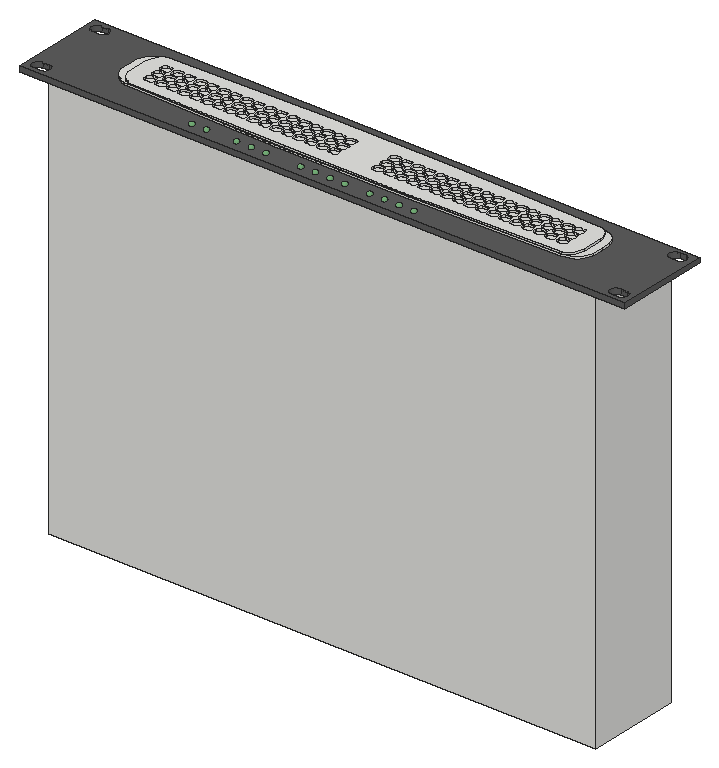
Revit family "Electronics_Amplifiers_Biamp_Vocia_VA-2060e__", category Communication Devices, host Face, Revit 2020 (continued)
Definition of nested family "VA-2060"
  Forms (in)
    Extrusion 4, solid, material <- "Housing Material", detail levels medium+fine
      sketch origin (0, 0, 0) x (1, 0, 0) y (0, 0, 1)
        loop
          line (4.72922, 1.67994) -> (4.80792, 1.67994)
          arc (4.80792, 1.67994) -> (4.90669, 1.72086) -> (4.9476, 1.81963) r 0.13968
          line (4.9476, 1.81963) -> (4.9476, 1.86061)
          arc (4.9476, 1.86061) -> (4.90851, 1.955) -> (4.81412, 1.99409) r 0.13348
          line (4.81412, 1.99409) -> (4.72301, 1.99409)
          arc (4.72301, 1.99409) -> (4.62863, 1.955) -> (4.58953, 1.86061) r 0.13348
        loop
          line (4.98953, 1.86061) -> (4.98953, 1.81963)
          arc (4.98953, 1.81963) -> (5.03044, 1.72086) -> (5.12922, 1.67994) r 0.13968
          line (5.12922, 1.67994) -> (5.20792, 1.67994)
          arc (5.20792, 1.67994) -> (5.30669, 1.72086) -> (5.3476, 1.81963) r 0.13968
          line (5.3476, 1.81963) -> (5.3476, 1.86061)
          arc (5.3476, 1.86061) -> (5.30851, 1.955) -> (5.21412, 1.99409) r 0.13348
          line (5.21412, 1.99409) -> (5.12301, 1.99409)
          arc (5.12301, 1.99409) -> (5.02863, 1.955) -> (4.98953, 1.86061) r 0.13348
        loop
          line (5.38953, 1.86061) -> (5.38953, 1.81963)
          arc (5.38953, 1.81963) -> (5.43044, 1.72086) -> (5.52922, 1.67994) r 0.13968
          line (5.52922, 1.67994) -> (5.60792, 1.67994)
          arc (5.60792, 1.67994) -> (5.70669, 1.72086) -> (5.7476, 1.81963) r 0.13968
          line (5.7476, 1.81963) -> (5.7476, 1.86061)
          arc (5.7476, 1.86061) -> (5.70851, 1.955) -> (5.61412, 1.99409) r 0.13348
          line (5.61412, 1.99409) -> (5.52301, 1.99409)
          arc (5.52301, 1.99409) -> (5.42863, 1.955) -> (5.38953, 1.86061) r 0.13348
        loop
          line (5.78953, 1.86061) -> (5.78953, 1.81963)
          arc (5.78953, 1.81963) -> (5.83044, 1.72086) -> (5.92922, 1.67994) r 0.13968
          line (5.92922, 1.67994) -> (6.00792, 1.67994)
          arc (6.00792, 1.67994) -> (6.10669, 1.72086) -> (6.1476, 1.81963) r 0.13968
          line (6.1476, 1.81963) -> (6.1476, 1.86061)
          arc (6.1476, 1.86061) -> (6.10851, 1.955) -> (6.01412, 1.99409) r 0.13348
          line (6.01412, 1.99409) -> (5.92301, 1.99409)
          arc (5.92301, 1.99409) -> (5.82863, 1.955) -> (5.78953, 1.86061) r 0.13348
        loop
          line (6.18953, 1.86061) -> (6.18953, 1.81963)
          arc (6.18953, 1.81963) -> (6.23044, 1.72086) -> (6.32922, 1.67994) r 0.13968
          line (6.32922, 1.67994) -> (6.40792, 1.67994)
          arc (6.40792, 1.67994) -> (6.50669, 1.72086) -> (6.5476, 1.81963) r 0.13968
          line (6.5476, 1.81963) -> (6.5476, 1.86061)
          arc (6.5476, 1.86061) -> (6.50851, 1.955) -> (6.41412, 1.99409) r 0.13348
          line (6.41412, 1.99409) -> (6.32301, 1.99409)
          arc (6.32301, 1.99409) -> (6.22863, 1.955) -> (6.18953, 1.86061) r 0.13348
        loop
          line (6.58953, 1.86061) -> (6.58953, 1.81963)
          arc (6.58953, 1.81963) -> (6.63044, 1.72086) -> (6.72922, 1.67994) r 0.13968
          line (6.72922, 1.67994) -> (6.80792, 1.67994)
          arc (6.80792, 1.67994) -> (6.90669, 1.72086) -> (6.9476, 1.81963) r 0.13968
          line (6.9476, 1.81963) -> (6.9476, 1.86061)
          arc (6.9476, 1.86061) -> (6.90851, 1.955) -> (6.81412, 1.99409) r 0.13348
          line (6.81412, 1.99409) -> (6.72301, 1.99409)
          arc (6.72301, 1.99409) -> (6.62863, 1.955) -> (6.58953, 1.86061) r 0.13348
        loop
          line (6.98953, 1.86061) -> (6.98953, 1.81963)
          arc (6.98953, 1.81963) -> (7.03044, 1.72086) -> (7.12922, 1.67994) r 0.13968
          line (7.12922, 1.67994) -> (7.20792, 1.67994)
          arc (7.20792, 1.67994) -> (7.30669, 1.72086) -> (7.3476, 1.81963) r 0.13968
          line (7.3476, 1.81963) -> (7.3476, 1.86061)
          arc (7.3476, 1.86061) -> (7.30851, 1.955) -> (7.21412, 1.99409) r 0.13348
          line (7.21412, 1.99409) -> (7.12301, 1.99409)
          arc (7.12301, 1.99409) -> (7.02863, 1.955) -> (6.98953, 1.86061) r 0.13348
        loop
          line (0.58953, 1.51061) -> (0.58953, 1.46963)
          arc (0.58953, 1.46963) -> (0.63044, 1.37086) -> (0.72922, 1.32994) r 0.13968
          line (0.72922, 1.32994) -> (0.80792, 1.32994)
          arc (0.80792, 1.32994) -> (0.90669, 1.37086) -> (0.9476, 1.46963) r 0.13968
          line (0.9476, 1.46963) -> (0.9476, 1.51061)
          arc (0.9476, 1.51061) -> (0.90851, 1.605) -> (0.81412, 1.64409) r 0.13348
          line (0.81412, 1.64409) -> (0.72301, 1.64409)
          arc (0.72301, 1.64409) -> (0.62863, 1.605) -> (0.58953, 1.51061) r 0.13348
        loop
          line (0.98953, 1.51061) -> (0.98953, 1.46963)
          arc (0.98953, 1.46963) -> (1.03044, 1.37086) -> (1.12922, 1.32994) r 0.13968
          line (1.12922, 1.32994) -> (1.20792, 1.32994)
          arc (1.20792, 1.32994) -> (1.30669, 1.37086) -> (1.3476, 1.46963) r 0.13968
          line (1.3476, 1.46963) -> (1.3476, 1.51061)
          arc (1.3476, 1.51061) -> (1.30851, 1.605) -> (1.21412, 1.64409) r 0.13348
          line (1.21412, 1.64409) -> (1.12301, 1.64409)
          arc (1.12301, 1.64409) -> (1.02863, 1.605) -> (0.98953, 1.51061) r 0.13348
        loop
          line (1.38953, 1.51061) -> (1.38953, 1.46963)
          arc (1.38953, 1.46963) -> (1.43044, 1.37086) -> (1.52922, 1.32994) r 0.13968
          line (1.52922, 1.32994) -> (1.60792, 1.32994)
          arc (1.60792, 1.32994) -> (1.70669, 1.37086) -> (1.7476, 1.46963) r 0.13968
          line (1.7476, 1.46963) -> (1.7476, 1.51061)
          arc (1.7476, 1.51061) -> (1.70851, 1.605) -> (1.61412, 1.64409) r 0.13348
          line (1.61412, 1.64409) -> (1.52301, 1.64409)
          arc (1.52301, 1.64409) -> (1.42863, 1.605) -> (1.38953, 1.51061) r 0.13348
        loop
          line (1.78953, 1.51061) -> (1.78953, 1.46963)
          arc (1.78953, 1.46963) -> (1.83044, 1.37086) -> (1.92922, 1.32994) r 0.13968
          line (1.92922, 1.32994) -> (2.00792, 1.32994)
          arc (2.00792, 1.32994) -> (2.10669, 1.37086) -> (2.1476, 1.46963) r 0.13968
          line (2.1476, 1.46963) -> (2.1476, 1.51061)
          arc (2.1476, 1.51061) -> (2.10851, 1.605) -> (2.01412, 1.64409) r 0.13348
          line (2.01412, 1.64409) -> (1.92301, 1.64409)
          arc (1.92301, 1.64409) -> (1.82863, 1.605) -> (1.78953, 1.51061) r 0.13348
        loop
          line (2.18953, 1.51061) -> (2.18953, 1.46963)
          arc (2.18953, 1.46963) -> (2.23044, 1.37086) -> (2.32922, 1.32994) r 0.13968
          line (2.32922, 1.32994) -> (2.40792, 1.32994)
          arc (2.40792, 1.32994) -> (2.50669, 1.37086) -> (2.5476, 1.46963) r 0.13968
          line (2.5476, 1.46963) -> (2.5476, 1.51061)
          arc (2.5476, 1.51061) -> (2.50851, 1.605) -> (2.41412, 1.64409) r 0.13348
          line (2.41412, 1.64409) -> (2.32301, 1.64409)
          arc (2.32301, 1.64409) -> (2.22863, 1.605) -> (2.18953, 1.51061) r 0.13348
        loop
          line (2.58953, 1.51061) -> (2.58953, 1.46963)
          arc (2.58953, 1.46963) -> (2.63044, 1.37086) -> (2.72922, 1.32994) r 0.13968
          line (2.72922, 1.32994) -> (2.80792, 1.32994)
          arc (2.80792, 1.32994) -> (2.90669, 1.37086) -> (2.9476, 1.46963) r 0.13968
          line (2.9476, 1.46963) -> (2.9476, 1.51061)
          arc (2.9476, 1.51061) -> (2.90851, 1.605) -> (2.81412, 1.64409) r 0.13348
          line (2.81412, 1.64409) -> (2.72301, 1.64409)
          arc (2.72301, 1.64409) -> (2.62863, 1.605) -> (2.58953, 1.51061) r 0.13348
        loop
          line (2.98953, 1.51061) -> (2.98953, 1.46963)
          arc (2.98953, 1.46963) -> (3.03044, 1.37086) -> (3.12922, 1.32994) r 0.13968
          line (3.12922, 1.32994) -> (3.20792, 1.32994)
          arc (3.20792, 1.32994) -> (3.30669, 1.37086) -> (3.3476, 1.46963) r 0.13968
          line (3.3476, 1.46963) -> (3.3476, 1.51061)
          arc (3.3476, 1.51061) -> (3.30851, 1.605) -> (3.21412, 1.64409) r 0.13348
          line (3.21412, 1.64409) -> (3.12301, 1.64409)
          arc (3.12301, 1.64409) -> (3.02863, 1.605) -> (2.98953, 1.51061) r 0.13348
        loop
          line (3.38953, 1.51061) -> (3.38953, 1.46963)
          arc (3.38953, 1.46963) -> (3.43044, 1.37086) -> (3.52922, 1.32994) r 0.13968
          line (3.52922, 1.32994) -> (3.60792, 1.32994)
          arc (3.60792, 1.32994) -> (3.70669, 1.37086) -> (3.7476, 1.46963) r 0.13968
          line (3.7476, 1.46963) -> (3.7476, 1.51061)
          arc (3.7476, 1.51061) -> (3.70851, 1.605) -> (3.61412, 1.64409) r 0.13348
          line (3.61412, 1.64409) -> (3.52301, 1.64409)
          arc (3.52301, 1.64409) -> (3.42863, 1.605) -> (3.38953, 1.51061) r 0.13348
        loop
          line (3.78953, 1.51061) -> (3.78953, 1.46963)
          arc (3.78953, 1.46963) -> (3.83044, 1.37086) -> (3.92922, 1.32994) r 0.13968
          line (3.92922, 1.32994) -> (4.00792, 1.32994)
          arc (4.00792, 1.32994) -> (4.10669, 1.37086) -> (4.1476, 1.46963) r 0.13968
          line (4.1476, 1.46963) -> (4.1476, 1.51061)
          arc (4.1476, 1.51061) -> (4.10851, 1.605) -> (4.01412, 1.64409) r 0.13348
          line (4.01412, 1.64409) -> (3.92301, 1.64409)
          arc (3.92301, 1.64409) -> (3.82863, 1.605) -> (3.78953, 1.51061) r 0.13348
        loop
          line (4.18953, 1.51061) -> (4.18953, 1.46963)
          arc (4.18953, 1.46963) -> (4.23044, 1.37086) -> (4.32922, 1.32994) r 0.13968
          line (4.32922, 1.32994) -> (4.40792, 1.32994)
          arc (4.40792, 1.32994) -> (4.50669, 1.37086) -> (4.5476, 1.46963) r 0.13968
          line (4.5476, 1.46963) -> (4.5476, 1.51061)
          arc (4.5476, 1.51061) -> (4.50851, 1.605) -> (4.41412, 1.64409) r 0.13348
          line (4.41412, 1.64409) -> (4.32301, 1.64409)
          arc (4.32301, 1.64409) -> (4.22863, 1.605) -> (4.18953, 1.51061) r 0.13348
        loop
          line (4.58953, 1.51061) -> (4.58953, 1.46963)
          arc (4.58953, 1.46963) -> (4.63044, 1.37086) -> (4.72922, 1.32994) r 0.13968
          line (4.72922, 1.32994) -> (4.80792, 1.32994)
          arc (4.80792, 1.32994) -> (4.90669, 1.37086) -> (4.9476, 1.46963) r 0.13968
          line (4.9476, 1.46963) -> (4.9476, 1.51061)
          arc (4.9476, 1.51061) -> (4.90851, 1.605) -> (4.81412, 1.64409) r 0.13348
          line (4.81412, 1.64409) -> (4.72301, 1.64409)
          arc (4.72301, 1.64409) -> (4.62863, 1.605) -> (4.58953, 1.51061) r 0.13348
        loop
          line (4.98953, 1.51061) -> (4.98953, 1.46963)
          arc (4.98953, 1.46963) -> (5.03044, 1.37086) -> (5.12922, 1.32994) r 0.13968
          line (5.12922, 1.32994) -> (5.20792, 1.32994)
          arc (5.20792, 1.32994) -> (5.30669, 1.37086) -> (5.3476, 1.46963) r 0.13968
          line (5.3476, 1.46963) -> (5.3476, 1.51061)
          arc (5.3476, 1.51061) -> (5.30851, 1.605) -> (5.21412, 1.64409) r 0.13348
          line (5.21412, 1.64409) -> (5.12301, 1.64409)
          arc (5.12301, 1.64409) -> (5.02863, 1.605) -> (4.98953, 1.51061) r 0.13348
        loop
          line (5.38953, 1.51061) -> (5.38953, 1.46963)
          arc (5.38953, 1.46963) -> (5.43044, 1.37086) -> (5.52922, 1.32994) r 0.13968
          line (5.52922, 1.32994) -> (5.60792, 1.32994)
          arc (5.60792, 1.32994) -> (5.70669, 1.37086) -> (5.7476, 1.46963) r 0.13968
          line (5.7476, 1.46963) -> (5.7476, 1.51061)
          arc (5.7476, 1.51061) -> (5.70851, 1.605) -> (5.61412, 1.64409) r 0.13348
          line (5.61412, 1.64409) -> (5.52301, 1.64409)
          arc (5.52301, 1.64409) -> (5.42863, 1.605) -> (5.38953, 1.51061) r 0.13348
        loop
          line (5.78953, 1.51061) -> (5.78953, 1.46963)
          arc (5.78953, 1.46963) -> (5.83044, 1.37086) -> (5.92922, 1.32994) r 0.13968
          line (5.92922, 1.32994) -> (6.00792, 1.32994)
          arc (6.00792, 1.32994) -> (6.10669, 1.37086) -> (6.1476, 1.46963) r 0.13968
          line (6.1476, 1.46963) -> (6.1476, 1.51061)
          arc (6.1476, 1.51061) -> (6.10851, 1.605) -> (6.01412, 1.64409) r 0.13348
          line (6.01412, 1.64409) -> (5.92301, 1.64409)
          arc (5.92301, 1.64409) -> (5.82863, 1.605) -> (5.78953, 1.51061) r 0.13348
        loop
          line (6.18953, 1.51061) -> (6.18953, 1.46963)
          arc (6.18953, 1.46963) -> (6.23044, 1.37086) -> (6.32922, 1.32994) r 0.13968
          line (6.32922, 1.32994) -> (6.40792, 1.32994)
          arc (6.40792, 1.32994) -> (6.50669, 1.37086) -> (6.5476, 1.46963) r 0.13968
          line (6.5476, 1.46963) -> (6.5476, 1.51061)
          arc (6.5476, 1.51061) -> (6.50851, 1.605) -> (6.41412, 1.64409) r 0.13348
          line (6.41412, 1.64409) -> (6.32301, 1.64409)
          arc (6.32301, 1.64409) -> (6.22863, 1.605) -> (6.18953, 1.51061) r 0.13348
        loop
          line (6.58953, 1.51061) -> (6.58953, 1.46963)
          arc (6.58953, 1.46963) -> (6.63044, 1.37086) -> (6.72922, 1.32994) r 0.13968
          line (6.72922, 1.32994) -> (6.80792, 1.32994)
          arc (6.80792, 1.32994) -> (6.90669, 1.37086) -> (6.9476, 1.46963) r 0.13968
          line (6.9476, 1.46963) -> (6.9476, 1.51061)
          arc (6.9476, 1.51061) -> (6.90851, 1.605) -> (6.81412, 1.64409) r 0.13348
          line (6.81412, 1.64409) -> (6.72301, 1.64409)
          arc (6.72301, 1.64409) -> (6.62863, 1.605) -> (6.58953, 1.51061) r 0.13348
        loop
          line (6.98953, 1.51061) -> (6.98953, 1.46963)
          arc (6.98953, 1.46963) -> (7.03044, 1.37086) -> (7.12922, 1.32994) r 0.13968
          line (7.12922, 1.32994) -> (7.20792, 1.32994)
          arc (7.20792, 1.32994) -> (7.30669, 1.37086) -> (7.3476, 1.46963) r 0.13968
          line (7.3476, 1.46963) -> (7.3476, 1.51061)
          arc (7.3476, 1.51061) -> (7.30851, 1.605) -> (7.21412, 1.64409) r 0.13348
          line (7.21412, 1.64409) -> (7.12301, 1.64409)
          arc (7.12301, 1.64409) -> (7.02863, 1.605) -> (6.98953, 1.51061) r 0.13348
        loop
          line (-7.8941, 2.19985) -> (-7.8941, 1.50958)
          arc (-7.8941, 1.50958) -> (-7.78659, 1.189) -> (-7.50755, 0.99803) r 0.53175
          arc (-7.50755, 0.99803) -> (-4.76475, 0.90754) -> (-2.02057, 0.88211) r 115.74148
          line (-2.02057, 0.88211) -> (2.02057, 0.88211)
          arc (2.02057, 0.88211) -> (4.76475, 0.90754) -> (7.50755, 0.99803) r 115.74148
          arc (7.50755, 0.99803) -> (7.78659, 1.189) -> (7.8941, 1.50958) r 0.53175
          line (7.8941, 1.50958) -> (7.8941, 2.19985)
          arc (7.8941, 2.19985) -> (7.79312, 2.52382) -> (7.52594, 2.73305) r 0.57019
          arc (7.52594, 2.73305) -> (4.7778, 2.82372) -> (2.02829, 2.84908) r 115.74395
          line (2.02829, 2.84908) -> (-2.02829, 2.84908)
          arc (-2.02829, 2.84908) -> (-4.7778, 2.82372) -> (-7.52594, 2.73305) r 115.74395
          arc (-7.52594, 2.73305) -> (-7.79312, 2.52382) -> (-7.8941, 2.19985) r 0.57019
      from 7.16 to 7.21
    Extrusion 5, solid, material <- "Housing Material", detail levels medium+fine
      sketch origin (0, 0, 0) x (1, 0, 0) y (0, 0, 1)
        loop
          line (2.33416, 2.87125) -> (-2.33416, 2.87125)
          arc (-2.33416, 2.87125) -> (-4.9297, 2.84215) -> (-7.52393, 2.75486) r 115.76635
          arc (-7.52393, 2.75486) -> (-7.94905, 2.5935) -> (-8.19527, 2.21122) r 0.72733
          line (-8.19527, 2.21122) -> (-8.19527, 1.87684) -> (-8.19527, 1.51121)
          arc (-8.19527, 1.51121) -> (-7.94905, 1.12893) -> (-7.52393, 0.96757) r 0.72733
          arc (-7.52393, 0.96757) -> (-4.9297, 0.88028) -> (-2.33416, 0.85118) r 115.76635
          line (-2.33416, 0.85118) -> (2.33416, 0.85118)
          arc (2.33416, 0.85118) -> (4.9297, 0.88028) -> (7.52393, 0.96757) r 115.76635
          arc (7.52393, 0.96757) -> (7.94905, 1.12893) -> (8.19527, 1.51121) r 0.72733
          line (8.19527, 1.51121) -> (8.19527, 1.87684) -> (8.19527, 2.21122)
          arc (8.19527, 2.21122) -> (7.94905, 2.5935) -> (7.52393, 2.75486) r 0.72733
          arc (7.52393, 2.75486) -> (4.9297, 2.84215) -> (2.33416, 2.87125) r 115.76635
      from 7.09961 to 7.16
    Extrusion 6, void, detail levels medium+fine
      sketch origin (0, 0, 0) x (1, 0, 0) y (0, 0, 1)
        loop
          line (10.13458, 3.10877) -> (9.92643, 3.10877)
          arc (9.92643, 3.10877) -> (9.72431, 2.90665) -> (9.92643, 2.70453) r 0.20212
          line (9.92643, 2.70453) -> (10.13458, 2.70453)
          arc (10.13458, 2.70453) -> (10.33669, 2.90665) -> (10.13458, 3.10877) r 0.20212
        loop
          line (10.13458, 0.54627) -> (9.92643, 0.54627)
          arc (9.92643, 0.54627) -> (9.72431, 0.34415) -> (9.92643, 0.14203) r 0.20212
          line (9.92643, 0.14203) -> (10.13458, 0.14203)
          arc (10.13458, 0.14203) -> (10.33669, 0.34415) -> (10.13458, 0.54627) r 0.20212
        loop
          line (-9.92734, 3.10877) -> (-10.13549, 3.10877)
          arc (-10.13549, 3.10877) -> (-10.3376, 2.90665) -> (-10.13549, 2.70453) r 0.20212
          line (-10.13549, 2.70453) -> (-9.92734, 2.70453)
          arc (-9.92734, 2.70453) -> (-9.72522, 2.90665) -> (-9.92734, 3.10877) r 0.20212
        loop
          line (-9.92734, 0.54671) -> (-10.13549, 0.54671)
          arc (-10.13549, 0.54671) -> (-10.3376, 0.34459) -> (-10.13549, 0.14248) r 0.20212
          line (-10.13549, 0.14248) -> (-9.92734, 0.14248)
          arc (-9.92734, 0.14248) -> (-9.72522, 0.34459) -> (-9.92734, 0.54671) r 0.20212
      from 6.93304 to 7.43236
    Extrusion 7, void
      sketch origin (0, 0, 0) x (1, 0, 0) y (0, 0, 1)
        loop
          line (8.15116, 2.33425) -> (6.93787, 2.33425) -> (6.93787, 1.51307) -> (8.15116, 1.51307) -> (8.15116, 2.33425)
        loop
          line (4.18232, 0.89127) -> (3.43232, 0.89127) -> (3.43232, 0.39127) -> (4.18232, 0.39127) -> (4.18232, 0.89127)
        loop
          line (3.40107, 0.89127) -> (2.65107, 0.89127) -> (2.65107, 0.39127) -> (3.40107, 0.39127) -> (3.40107, 0.89127)
        loop
          line (0, 0.68345) -> (-0.46893, 0.68345) -> (-0.46893, 0.39127) -> (0, 0.39127) -> (0, 0.68345)
        loop
          line (0, 1.49816) -> (-0.79244, 1.49816) -> (-0.79244, 1.02759) -> (0, 1.02759) -> (0, 1.49816)
        loop
          line (-6.96024, 0.95657) -> (-7.85072, 0.95657) -> (-7.85072, 0.68345) -> (-6.96024, 0.68345) -> (-6.96024, 0.95657)
        loop
          line (-8.258, 0.95657) -> (-9.14847, 0.95657) -> (-9.14847, 0.68345) -> (-8.258, 0.68345) -> (-8.258, 0.95657)
        loop
          line (-1.44435, 0.68345) -> (-1.91327, 0.68345) -> (-1.91327, 0.39127) -> (-1.44435, 0.39127) -> (-1.44435, 0.68345)
        loop
          line (-0.96169, 0.68345) -> (-1.43061, 0.68345) -> (-1.43061, 0.39127) -> (-0.96169, 0.39127) -> (-0.96169, 0.68345)
        loop
          line (-0.48153, 0.68345) -> (-0.95045, 0.68345) -> (-0.95045, 0.39127) -> (-0.48153, 0.39127) -> (-0.48153, 0.68345)
        loop
          line (7.48871, 0.89127) -> (6.98871, 0.89127) -> (6.98871, 0.39127) -> (7.48871, 0.39127) -> (7.48871, 0.89127)
        loop
          line (6.42193, 0.39127) -> (6.92193, 0.39127) -> (6.92193, 0.89127) -> (6.42193, 0.89127) -> (6.42193, 0.39127)
        loop
          line (-0.88795, 1.49816) -> (-1.6804, 1.49816) -> (-1.6804, 1.02759) -> (-0.88795, 1.02759) -> (-0.88795, 1.49816)
        loop
          line (-2.10504, 0.86184) -> (-2.89748, 0.86184) -> (-2.89748, 0.39127) -> (-2.10504, 0.39127) -> (-2.10504, 0.86184)
      from -7.12328 to -6.82855
    Revolve 8, solid, material <- "Material 2", detail levels fine
      sketch origin (-1.40961, -2.63111, 0.39328) x (-1, 0, 0) y (0, -1, 0)
        loop
          arc (0.94198, 4.4685) -> (0.86324, 4.54724) -> (0.7845, 4.4685) r 0.07874
          line (0.7845, 4.4685) -> (0.94198, 4.4685)
        loop
          arc (1.45383, 4.4685) -> (1.37509, 4.54724) -> (1.29635, 4.4685) r 0.07874
          line (1.29635, 4.4685) -> (1.45383, 4.4685)
        loop
          arc (1.96554, 4.4685) -> (1.8868, 4.54724) -> (1.80806, 4.4685) r 0.07874
          line (1.80806, 4.4685) -> (1.96554, 4.4685)
        loop
          arc (3.52117, 4.4685) -> (3.44243, 4.54724) -> (3.36369, 4.4685) r 0.07874
          line (3.36369, 4.4685) -> (3.52117, 4.4685)
        loop
          arc (-0.25862, 4.4685) -> (-0.33736, 4.54724) -> (-0.4161, 4.4685) r 0.07874
          line (-0.4161, 4.4685) -> (-0.25862, 4.4685)
        loop
          arc (-0.77051, 4.4685) -> (-0.84925, 4.54724) -> (-0.92799, 4.4685) r 0.07874
          line (-0.92799, 4.4685) -> (-0.77051, 4.4685)
        loop
          arc (-1.2824, 4.4685) -> (-1.36114, 4.54724) -> (-1.43988, 4.4685) r 0.07874
          line (-1.43988, 4.4685) -> (-1.2824, 4.4685)
        loop
          arc (-2.65883, 4.4685) -> (-2.73757, 4.54724) -> (-2.81631, 4.4685) r 0.07874
          line (-2.81631, 4.4685) -> (-2.65883, 4.4685)
        loop
          arc (-3.17072, 4.4685) -> (-3.24946, 4.54724) -> (-3.3282, 4.4685) r 0.07874
          line (-3.3282, 4.4685) -> (-3.17072, 4.4685)
        loop
          arc (-3.68261, 4.4685) -> (-3.76135, 4.54724) -> (-3.84009, 4.4685) r 0.07874
          line (-3.84009, 4.4685) -> (-3.68261, 4.4685)
        loop
          arc (-1.79429, 4.4685) -> (-1.87303, 4.54724) -> (-1.95177, 4.4685) r 0.07874
          line (-1.95177, 4.4685) -> (-1.79429, 4.4685)
        loop
          arc (-4.1945, 4.4685) -> (-4.27324, 4.54724) -> (-4.35198, 4.4685) r 0.07874
          line (-4.35198, 4.4685) -> (-4.1945, 4.4685)
        loop
          arc (3.00946, 4.4685) -> (2.93072, 4.54724) -> (2.85198, 4.4685) r 0.07874
          line (2.85198, 4.4685) -> (3.00946, 4.4685)
        axis (3.52117, 4.4685) -> (-4.35198, 4.4685)
      angle from 450 to 270
  Cuts and joins
    Extrusion 6 cuts Extrusion 3
    Extrusion 7 cuts Extrusion 2
  Lines and regions (in)
    Masking region 1
      outline origin (0, 0, 0) x (1, 0, 0) y (0, 1, 0)
        loop
          line (-10.5, -7.09961) -> (10.5, -7.09961) -> (10.5, -6.93265) -> (9.5, -6.93265) -> (9.5, 7.09961) -> (-9.5, 7.09961) -> (-9.5, -6.93265) -> (-10.5, -6.93265) -> (-10.5, -7.09961)
    Masking region 2, detail levels medium+fine
      outline origin (0, 0, 0) x (1, 0, 0) y (0, 1, 0)
        loop
          line (-8.19527, -7.09961) -> (-8.19527, -7.16) -> (-7.8941, -7.16) -> (-7.8941, -7.21) -> (7.8941, -7.21) -> (7.8941, -7.16) -> (8.19527, -7.16) -> (8.19527, -7.09961) -> (-8.19527, -7.09961)
    symbolic lines
      curve 1: line (-10.5, -6.93265, 0) -> (10.5, -6.93265, 0)
    symbolic lines, detail levels medium+fine
      curve 2: line (-7.8941, -7.16, 0) -> (7.8941, -7.16, 0)
  Dimensions and locks (in)
    aligned and locked: plane 2 to Extrusion 1
    aligned and locked: level to Extrusion 1
